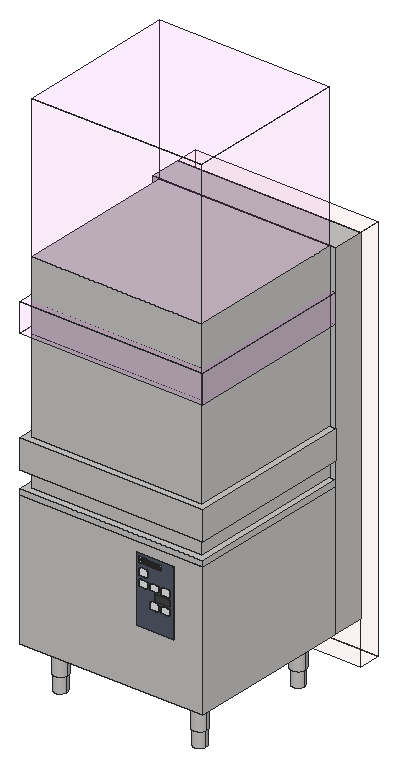
Revit family "QF_ELECTROLUXPROFESSIONAL_506065_EPPWEASMS", category Attrezzature speciali, Revit 2020
Family settings
  Quota connettore circolare = Usa diametro
  Tipo di parte = Normale
  Basato su piano di lavoro = No
  Sempre verticale = Sì
  Taglio con vuoti quando caricato = No
  Condiviso = No
  Punto di calcolo locali = No
Parameters (values of type "Standard")
  Weight = 200.00 kg
  Watts = 13500 W
  Volts = 400 V
  URL Manufacturer = "https://www.electroluxprofessional.com/"
  URL = "https://www.electroluxprofessional.com/"
  Steam Supply Size = 0 mm
  Steam Supply Minimum Pressure = 0.0 Pa
  Steam Supply Maximum Pressure = 0.0 Pa
  Steam Consumption per Hour = 0
  Show Logo [instance] = yes
  Show Clearance [instance] = yes
  Refrigeration Suction Line Size = 0 mm
  Refrigeration Liquid Line Size = 0 mm
  Refrigerant Compressor Remote = yes
  Prospetto di default = 0 mm
  Produttore = "Electrolux Professional"
  Phase = 3
  Modello = "EPPWEASMS"
  Length Actual = 833 mm  # constant formula
  Item Number = "506065"
  Hot Water Size = 19.05 mm
  Height Actual = 1760 mm  # constant formula
  HP = "18.1 HP"
  Gas Size = 0 mm
  Gas KW = 0
  Gas Input Pressure = 0 W
  Direct Waste Size = 36 mm
  Descrizione = "POT&P WASH,AUTO,FRONT/SIDE,MULTIR.,833MM"
  Depth Actual = 890 mm  # constant formula
  Cycle = 50 Hz
  Condensate Return Size = 0 mm
  Compressed Air Volume = 0.0 L/s
  Compressed Air Size = 0 mm
  Compressed Air Pressure = 0.0 Pa
  Cold Water Size = 0 mm
  Accessory = yes
Reference planes
  plane 1: z = 0
  plane 2: x = -63
  plane 3 "LEFT": x = -477
  plane 4: x = 351
  plane 5: y = -440
  plane 6 "BACK": y = 450
  plane 7: x = -477
  plane 8: x = 351
  plane 9: z = 1760
  plane 10: y = -334
  plane 11: x = -377
  plane 12: y = 221
  plane 13: x = 251
  plane 14: z = 800
  plane 15: y = 310
  plane 16: z = 2400
  plane 17: through (316, 100, 4000) normal (-0.7071, 0.7071, 0)
  plane 18: through (336, 100, 4000) normal (-0.7071, -0.7071, 0)
  plane 19: x = -25
  plane 20: y = -72
  plane 21: x = -75
  plane 22: y = -122
  plane 23: x = -209
  plane 24: y = -122
  plane 25: y = 5
Forms (mm)
  Extrusion 1, solid, material "QF_Finishes_Stainless Steel"
    sketch origin (0, 0, 0) x (1, 0, 0) y (0, 1, 0)
      loop
        line (-477, 300) -> (-477, -440) -> (351, -440) -> (351, 300) -> (-477, 300)
    from 200 to 800
  Extrusion 2, solid, material "QF_Finishes_Clearance", visible <- "Show Clearance"
    sketch origin (0, 0, 0) x (1, 0, 0) y (0, 1, 0)
      loop
        line (-477, 450) -> (351, 450) -> (351, 550) -> (-477, 550) -> (-477, 450)
    from 0 to 1760
  Extrusion 3, solid, material "QF_Finishes_Stainless Steel"
    sketch origin (333.404, -63.023, 198) x (0, -1, 0) y (1, 0, 0)
      loop
        line (-163.023, -17.404) -> (-163.023, 2.596) -> (-183.023, 2.596) -> (-183.023, -17.404) -> (-163.023, -17.404)
    from 0 to 2
  Extrusion 4, solid, material "QF_Finishes_Stainless Steel"
    sketch origin (-702.159, 700.464, 214.383) x (1, 0, 0) y (0, 1, 0)
      loop
        circle (677.159, -772.464) r 10
    from -9.383 to 5.617
  Extrusion 5, solid, material "QF_Finishes_Stainless Steel"
    sketch origin (0, 0, 800) x (1, 0, 0) y (0, 1, 0)
      loop
        line (321, -409.3) -> (321, 310) -> (-447, 310) -> (-447, -409.3) -> (321, -409.3)
    from 25 to 960
  Extrusion 6, solid, material "QF_Finishes_Stainless Steel"
    sketch origin (0, 0, 600) x (1, 0, 0) y (0, 1, 0)
      loop
        line (-477, 300) -> (-477, -440) -> (351, -440) -> (351, 300) -> (-477, 300)
    from 200 to 225
  Extrusion 7, solid, material "QF_Finishes_Stainless Steel"
    sketch origin (0, 0, 30) x (1, 0, 0) y (0, 1, 0)
      loop
        line (-477, 310) -> (-477, -440) -> (351, -440) -> (351, 310) -> (321, 310) -> (321, -409.3) -> (-447, -409.3) -> (-447, 310) -> (-477, 310)
    from 870 to 1000
  Extrusion 8, solid, material "QF_Finishes_Stainless Steel"
    sketch origin (0, 0, 0) x (1, 0, 0) y (0, 1, 0)
      loop
        line (-477, 450) -> (-477, 310) -> (351, 310) -> (351, 450) -> (-477, 450)
    from 200 to 1760
  Extrusion 9, solid, material "QF_Finishes_Door Clearance", visible <- "Show Clearance"
    sketch origin (0, 0, 1440) x (1, 0, 0) y (0, 1, 0)
      loop
        line (321, -409.3) -> (321, 310) -> (-447, 310) -> (-447, -409.3) -> (321, -409.3)
    from 140 to 960
  Extrusion 10, solid, material "QF_Finishes_Door Clearance", visible <- "Show Clearance"
    sketch origin (0, 0, 580) x (1, 0, 0) y (0, 1, 0)
      loop
        line (-477, 310) -> (-477, -440) -> (351, -440) -> (351, 310) -> (321, 310) -> (321, -409.3) -> (-447, -409.3) -> (-447, 310) -> (-477, 310)
    from 870 to 1000
  Extrusion 11, solid, material "QF_Finishes_Stainless Steel"
    sketch origin (-85.596, 450, 43.977) x (1, 0, 0) y (0, 0, -1)
      loop
        line (407.596, -163.023) -> (407.596, -183.023) -> (427.596, -183.023) -> (427.596, -163.023) -> (407.596, -163.023)
    from 0 to 2
  Extrusion 12, solid, material "QF_Finishes_Stainless Steel"
    sketch origin (-752.159, 650.464, 214.383) x (1, 0, 0) y (0, 1, 0)
      loop
        circle (677.159, -772.464) r 10
    from -9.383 to 5.617
  Extrusion 13, solid, material "QF_Finishes_Stainless Steel"
    sketch origin (-886.159, 650.464, 214.383) x (1, 0, 0) y (0, 1, 0)
      loop
        circle (677.159, -762.464) r 10
    from -9.383 to 5.617
Cuts and joins
  joined: Extrusion 5, Extrusion 7
Dimensions and locks
  plane 6 "BACK" to plane 5 = 890 mm  (x2)
  plane 3 "LEFT" to plane 4 = 828 mm
  equal spacing: plane 4, plane 2, plane 3 "LEFT"
  Extrusion 6 to Extrusion 2 = 825 mm
  Extrusion 5 to Extrusion 6 = 935 mm
  plane 9 to level = 1760 mm
  plane 10 to plane 5 = 106 mm
  plane 12 to plane 10 = 555 mm
  level to plane 9 = 1760 mm
  level to plane 16 = 2400 mm
  plane 16 to level = 2400 mm
  equal spacing: plane 6 "BACK", plane 25, plane 5
  aligned and locked: level to plane 1
  aligned and locked: Extrusion 1 to plane 5
Automatic sketch dimensions
  Extrusion 2 sketch curve to plane 3 "LEFT" = 0 mm
  Extrusion 2 sketch curve to plane 4 = 0 mm
  Extrusion 2 sketch curve to plane 6 "BACK" = 0 mm
  Extrusion 2 sketch curve to Extrusion 2 sketch curve = 100 mm
  Extrusion 3 sketch curve to plane 18 = 0 mm
  Extrusion 3 sketch curve to plane 17 = 0 mm  (x2)
  Extrusion 3 sketch curve to plane 4 = 35 mm
  Extrusion 4 sketch curve to plane 19 = 0 mm
  plane 20 to Extrusion 4 sketch curve = 0 mm
  Extrusion 5 sketch curve to plane 15 = 0 mm
  plane 22 to Extrusion 5 sketch curve = 287.3 mm
  plane 3 "LEFT" to Extrusion 5 sketch curve = 30 mm
  Extrusion 5 sketch curve to plane 4 = 30 mm
  Extrusion 8 sketch curve to plane 3 "LEFT" = 0 mm
  Extrusion 8 sketch curve to plane 4 = 0 mm
  Extrusion 8 sketch curve to plane 15 = 0 mm
  Extrusion 8 sketch curve to plane 6 "BACK" = 0 mm
  Extrusion 9 sketch curve to plane 15 = 0 mm
  plane 22 to Extrusion 9 sketch curve = 287.3 mm
  plane 3 "LEFT" to Extrusion 9 sketch curve = 30 mm
  Extrusion 9 sketch curve to plane 4 = 30 mm
  Extrusion 11 sketch curve to plane 4 = 29 mm
  Extrusion 11 sketch curve to plane 4 = 9 mm
  level to Extrusion 11 sketch curve = 227 mm
  Extrusion 11 sketch curve to Extrusion 11 sketch curve = 20 mm
  Extrusion 12 sketch curve to plane 21 = 0 mm
  plane 22 to Extrusion 12 sketch curve = 0 mm
  Extrusion 1 sketch curve to plane 3 "LEFT" = 0 mm
  Extrusion 1 sketch curve to plane 4 = 0 mm
  Extrusion 1 sketch curve to plane 5 = 0 mm
  Extrusion 1 sketch curve to plane 15 = 10 mm
  Extrusion 6 sketch curve to plane 3 "LEFT" = 0 mm
  Extrusion 6 sketch curve to plane 4 = 0 mm
  Extrusion 6 sketch curve to plane 5 = 0 mm
  Extrusion 6 sketch curve to plane 15 = 10 mm
  Extrusion 7 sketch curve to plane 3 "LEFT" = 0 mm
  Extrusion 7 sketch curve to plane 15 = 0 mm  (x2)
  Extrusion 7 sketch curve to plane 4 = 0 mm
  Extrusion 7 sketch curve to plane 5 = 0 mm
  plane 22 to Extrusion 7 sketch curve = 287.3 mm
  plane 3 "LEFT" to Extrusion 7 sketch curve = 30 mm
  Extrusion 7 sketch curve to plane 4 = 30 mm
  Extrusion 10 sketch curve to plane 3 "LEFT" = 0 mm
  Extrusion 10 sketch curve to plane 15 = 0 mm  (x2)
  Extrusion 10 sketch curve to plane 4 = 0 mm
  Extrusion 10 sketch curve to plane 5 = 0 mm
  plane 22 to Extrusion 10 sketch curve = 287.3 mm
  plane 3 "LEFT" to Extrusion 10 sketch curve = 30 mm
  Extrusion 10 sketch curve to plane 4 = 30 mm
  plane 3 "LEFT" to Extrusion 13 sketch curve = 268 mm
  plane 5 to Extrusion 13 sketch curve = 328 mm
  radius of Extrusion 4 sketch curve = 10 mm
  radius of Extrusion 12 sketch curve = 10 mm
  radius of Extrusion 13 sketch curve = 10 mm
Nested families
  nested 1: "Piedino H200 - DISHWASHING" at (-377, -334, 0), type "Piedino H200 - DISHWASHING"
    with H 200 mm
  nested 2: "Piedino H200 - DISHWASHING" at (-377, 221, 0), type "Piedino H200 - DISHWASHING"
    with H 200 mm
  nested 3: "Piedino H200 - DISHWASHING" at (251, -334, 0) x (-1, 0, 0) z (0, 0, 1), type "Piedino H200 - DISHWASHING"
    with H 200 mm
  nested 4: "Piedino H200 - DISHWASHING" at (251, 221, 0) x (-1, 0, 0) z (0, 0, 1), type "Piedino H200 - DISHWASHING"
    with H 200 mm
  nested 5: "Tastierino_LARGE_ROUNCORNER_DISHWASHING_BLUE" at (134.061, -440, 606.153) x (-1, 0, 0) z (0, -1, 0), type "Tastierino_LARGE_ROUNCORNER_DISHWASHING_BLUE"
    with Show Logo yes
  nested 6: "ELX_LOGO_MONO_SMALL_WHITE" at (62.14, -440.8, 681.153) x (-1, 0, 0) z (0, -1, 0), visible <- "Show Logo", Show Logo <- "Show Logo", type "ELX_LOGO_MONO_SMALL_WHITE"
    with Show Logo yes
  nested 7: "ELX_LOGO_WORDS_WHITE" at (124.061, -440.8, 730.364) x (1, 0, 0) z (0, -1, 0), visible <- "Show Logo", Show Logo <- "Show Logo", type "ELX_LOGO_WORDS_WHITE"
    with Show Logo yes
Connectors
  electrical at (326, 110, 198)
    settings: on Extrusion 3, index 53, voltage 0 V, apparent load 0 VA, apparent load phase1 0 VA, apparent load phase2 0 VA, apparent load phase3 0 VA, power factor 1, load classification "Altro", number of poles 1, system type 30, power factor state 1, is connector primary yes, connector utility no, sub classification motor no, connector description "EI"
  piping at (-25, -72, 205), diameter 12.9
    settings: on Extrusion 4, index 54, connector inside diameter 609.6 mm, connector length 0 mm, flow factor 0, pipe flow 0.0 L/s, pressure drop 0.0 Pa, fitting loss kfactor 0, connector angle 0.00°, fixture units 0, engagement length 0 mm, angle of deflection 0.00°, flow configuration 0, flow direction 0, fitting loss method 0, system type 29, joint type 0, gender type 0, connector reference index -1, connector utility 0, adjustable connector no, is connector primary yes, connector description "XD"
  electrical at (332, 450, 217)
    settings: on Extrusion 11, index 72, voltage 0 V, apparent load 0 VA, apparent load phase1 0 VA, apparent load phase2 0 VA, apparent load phase3 0 VA, power factor 1, load classification "Altro", number of poles 1, system type 30, power factor state 1, is connector primary no, connector utility no, sub classification motor no, connector description "EQ"
  piping at (-75, -122, 205), diameter 12.9
    settings: on Extrusion 12, index 73, connector inside diameter 609.6 mm, connector length 0 mm, flow factor 0, pipe flow 0.0 L/s, pressure drop 0.0 Pa, fitting loss kfactor 0, connector angle 0.00°, fixture units 0, engagement length 0 mm, angle of deflection 0.00°, flow configuration 0, flow direction 0, fitting loss method 0, system type 29, joint type 0, gender type 0, connector reference index -1, connector utility 0, adjustable connector no, is connector primary no, connector description "HWI"
  piping at (-209, -112, 205), diameter 12.9
    settings: on Extrusion 13, index 74, connector inside diameter 609.6 mm, connector length 0 mm, flow factor 0, pipe flow 0.0 L/s, pressure drop 0.0 Pa, fitting loss kfactor 0, connector angle 0.00°, fixture units 0, engagement length 0 mm, angle of deflection 0.00°, flow configuration 0, flow direction 0, fitting loss method 0, system type 29, joint type 0, gender type 0, connector reference index -1, connector utility 0, adjustable connector no, is connector primary no, connector description "D"
Definition of nested family "Piedino H200 - DISHWASHING"
  Parameters (values of type "Piedino H200 - DISHWASHING")
    Default Elevation = 0 mm
    H [instance] = 200 mm
  Reference planes
    plane 1 "Centro (Fronte/Retro)": y = 0
    plane 2: z = 0
    plane 3 "Centro (Sinistra/Destra)": x = 0
    plane 4: z = 70.047
  Forms (mm)
    Revolve 1, solid
      sketch origin (55, 0, 0) x (-1, 0, 0) y (0, 0, -1)
        loop
          line (55, 0) -> (27.6, 0) -> (27.6, -70.047) -> (22.6, -70.047) -> (22.6, -200) -> (55, -200) -> (55, 0)
        axis (55, 0) -> (55, -200)
      angle from 0 to 360
  Dimensions and locks
    "H": Revolve 1 to plane 2
    aligned and locked: level to plane 2
  Automatic sketch dimensions
    Revolve 1 sketch curve to plane 4 = 0 mm
    Revolve 1 sketch curve to level = 0 mm
    Revolve 1 sketch curve to plane 3 "Centro (Sinistra/Destra)" = 0 mm  (x2)
    plane 3 "Centro (Sinistra/Destra)" to Revolve 1 sketch curve = 27.4 mm
    Revolve 1 sketch curve to Revolve 1 sketch curve = 5 mm
    Revolve 1 sketch curve to plane 4 = 129.953 mm
    Revolve 1 sketch curve to Revolve 1 sketch curve = 0 mm
    Revolve 1 sketch curve to Revolve 1 sketch curve = 20 mm
Definition of nested family "Tastierino_LARGE_ROUNCORNER_DISHWASHING_BLUE"
  Parameters
    Show Logo [instance] = yes
    Default Elevation = 1219.2 mm
  Reference planes
    plane 1 "Centro (Fronte/Retro)": y = 0
    plane 2: z = 0
    plane 3 "Centro (Sinistra/Destra)": x = 0
  Forms (mm)
    Extrusion 1, solid
      sketch origin (0, 0, 0) x (1, 0, 0) y (0, 1, 0)
        loop
          line (-1219.2, 1219.2) -> (-1219.2, -1219.2) -> (1219.2, -1219.2) -> (1219.2, 1219.2) -> (-1219.2, 1219.2)
      from 0 to -304.8
    Extrusion 2, solid
      sketch origin (0, 0, 0) x (1, 0, 0) y (0, 1, 0)
        loop
          line (-84.444, 147.62) -> (-84.444, -147.62) -> (84.444, -147.62) -> (84.444, 147.62) -> (-84.444, 147.62)
        loop
          arc (-63.183, 58.723) -> (-64.598, 58.137) -> (-65.183, 56.723) r 2
          line (-65.183, 56.723) -> (-65.183, 30.723)
          arc (-65.183, 30.723) -> (-64.598, 29.308) -> (-63.183, 28.723) r 2
          line (-63.183, 28.723) -> (-40.183, 28.723)
          arc (-40.183, 28.723) -> (-29.577, 33.116) -> (-25.183, 43.723) r 15
          line (-25.183, 43.723) -> (-25.183, 56.723)
          arc (-25.183, 56.723) -> (-25.769, 58.137) -> (-27.183, 58.723) r 2
          line (-27.183, 58.723) -> (-63.183, 58.723)
        loop
          line (-65.183, 22.208) -> (-65.183, -7.792) -> (0, -7.792) -> (0, 22.208) -> (-65.183, 22.208)
        loop
          arc (-13.183, 58.723) -> (-14.598, 58.137) -> (-15.183, 56.723) r 2
          line (-15.183, 56.723) -> (-15.183, 30.723)
          arc (-15.183, 30.723) -> (-14.598, 29.308) -> (-13.183, 28.723) r 2
          line (-13.183, 28.723) -> (9.817, 28.723)
          arc (9.817, 28.723) -> (20.423, 33.116) -> (24.817, 43.723) r 15
          line (24.817, 43.723) -> (24.817, 56.723)
          arc (24.817, 56.723) -> (24.231, 58.137) -> (22.817, 58.723) r 2
          line (22.817, 58.723) -> (-13.183, 58.723)
        loop
          arc (-63.183, -16.277) -> (-64.598, -16.863) -> (-65.183, -18.277) r 2
          line (-65.183, -18.277) -> (-65.183, -44.277)
          arc (-65.183, -44.277) -> (-64.598, -45.692) -> (-63.183, -46.277) r 2
          line (-63.183, -46.277) -> (-40.183, -46.277)
          arc (-40.183, -46.277) -> (-29.577, -41.884) -> (-25.183, -31.277) r 15
          line (-25.183, -31.277) -> (-25.183, -18.277)
          arc (-25.183, -18.277) -> (-25.769, -16.863) -> (-27.183, -16.277) r 2
          line (-27.183, -16.277) -> (-63.183, -16.277)
        loop
          arc (-13.183, -16.277) -> (-14.598, -16.863) -> (-15.183, -18.277) r 2
          line (-15.183, -18.277) -> (-15.183, -44.277)
          arc (-15.183, -44.277) -> (-14.598, -45.692) -> (-13.183, -46.277) r 2
          line (-13.183, -46.277) -> (9.817, -46.277)
          arc (9.817, -46.277) -> (20.423, -41.884) -> (24.817, -31.277) r 15
          line (24.817, -31.277) -> (24.817, -18.277)
          arc (24.817, -18.277) -> (24.231, -16.863) -> (22.817, -16.277) r 2
          line (22.817, -16.277) -> (-13.183, -16.277)
        loop
          arc (36.817, -16.277) -> (35.402, -16.863) -> (34.817, -18.277) r 2
          line (34.817, -18.277) -> (34.817, -44.277)
          arc (34.817, -44.277) -> (35.402, -45.692) -> (36.817, -46.277) r 2
          line (36.817, -46.277) -> (59.817, -46.277)
          arc (59.817, -46.277) -> (70.423, -41.884) -> (74.817, -31.277) r 15
          line (74.817, -31.277) -> (74.817, -18.277)
          arc (74.817, -18.277) -> (74.231, -16.863) -> (72.817, -16.277) r 2
          line (72.817, -16.277) -> (36.817, -16.277)
        loop
          arc (36.817, -61.277) -> (35.402, -61.863) -> (34.817, -63.277) r 2
          line (34.817, -63.277) -> (34.817, -89.277)
          arc (34.817, -89.277) -> (35.402, -90.692) -> (36.817, -91.277) r 2
          line (36.817, -91.277) -> (59.817, -91.277)
          arc (59.817, -91.277) -> (70.423, -86.884) -> (74.817, -76.277) r 15
          line (74.817, -76.277) -> (74.817, -63.277)
          arc (74.817, -63.277) -> (74.231, -61.863) -> (72.817, -61.277) r 2
          line (72.817, -61.277) -> (36.817, -61.277)
      from 0 to 0.8
    Extrusion 3, solid
      sketch origin (0, 0, 0) x (1, 0, 0) y (0, 1, 0)
        loop
          line (-65.183, 22.208) -> (-65.183, -7.792) -> (0, -7.792) -> (0, 22.208) -> (-65.183, 22.208)
      from 0 to 0.8
    Extrusion 4, solid
      sketch origin (0, 0, 0) x (1, 0, 0) y (0, 1, 0)
        loop
          arc (-63.183, 58.723) -> (-64.598, 58.137) -> (-65.183, 56.723) r 2
          line (-65.183, 56.723) -> (-65.183, 30.723)
          arc (-65.183, 30.723) -> (-64.598, 29.308) -> (-63.183, 28.723) r 2
          line (-63.183, 28.723) -> (-40.183, 28.723)
          arc (-40.183, 28.723) -> (-29.577, 33.116) -> (-25.183, 43.723) r 15
          line (-25.183, 43.723) -> (-25.183, 56.723)
          arc (-25.183, 56.723) -> (-25.769, 58.137) -> (-27.183, 58.723) r 2
          line (-27.183, 58.723) -> (-63.183, 58.723)
        loop
          arc (-13.183, 58.723) -> (-14.598, 58.137) -> (-15.183, 56.723) r 2
          line (-15.183, 56.723) -> (-15.183, 30.723)
          arc (-15.183, 30.723) -> (-14.598, 29.308) -> (-13.183, 28.723) r 2
          line (-13.183, 28.723) -> (9.817, 28.723)
          arc (9.817, 28.723) -> (20.423, 33.116) -> (24.817, 43.723) r 15
          line (24.817, 43.723) -> (24.817, 56.723)
          arc (24.817, 56.723) -> (24.231, 58.137) -> (22.817, 58.723) r 2
          line (22.817, 58.723) -> (-13.183, 58.723)
        loop
          arc (-63.183, -16.277) -> (-64.598, -16.863) -> (-65.183, -18.277) r 2
          line (-65.183, -18.277) -> (-65.183, -44.277)
          arc (-65.183, -44.277) -> (-64.598, -45.692) -> (-63.183, -46.277) r 2
          line (-63.183, -46.277) -> (-40.183, -46.277)
          arc (-40.183, -46.277) -> (-29.577, -41.884) -> (-25.183, -31.277) r 15
          line (-25.183, -31.277) -> (-25.183, -18.277)
          arc (-25.183, -18.277) -> (-25.769, -16.863) -> (-27.183, -16.277) r 2
          line (-27.183, -16.277) -> (-63.183, -16.277)
        loop
          arc (-13.183, -16.277) -> (-14.598, -16.863) -> (-15.183, -18.277) r 2
          line (-15.183, -18.277) -> (-15.183, -44.277)
          arc (-15.183, -44.277) -> (-14.598, -45.692) -> (-13.183, -46.277) r 2
          line (-13.183, -46.277) -> (9.817, -46.277)
          arc (9.817, -46.277) -> (20.423, -41.884) -> (24.817, -31.277) r 15
          line (24.817, -31.277) -> (24.817, -18.277)
          arc (24.817, -18.277) -> (24.231, -16.863) -> (22.817, -16.277) r 2
          line (22.817, -16.277) -> (-13.183, -16.277)
        loop
          arc (36.817, -16.277) -> (35.402, -16.863) -> (34.817, -18.277) r 2
          line (34.817, -18.277) -> (34.817, -44.277)
          arc (34.817, -44.277) -> (35.402, -45.692) -> (36.817, -46.277) r 2
          line (36.817, -46.277) -> (59.817, -46.277)
          arc (59.817, -46.277) -> (70.423, -41.884) -> (74.817, -31.277) r 15
          line (74.817, -31.277) -> (74.817, -18.277)
          arc (74.817, -18.277) -> (74.231, -16.863) -> (72.817, -16.277) r 2
          line (72.817, -16.277) -> (36.817, -16.277)
        loop
          arc (36.817, -61.277) -> (35.402, -61.863) -> (34.817, -63.277) r 2
          line (34.817, -63.277) -> (34.817, -89.277)
          arc (34.817, -89.277) -> (35.402, -90.692) -> (36.817, -91.277) r 2
          line (36.817, -91.277) -> (59.817, -91.277)
          arc (59.817, -91.277) -> (70.423, -86.884) -> (74.817, -76.277) r 15
          line (74.817, -76.277) -> (74.817, -63.277)
          arc (74.817, -63.277) -> (74.231, -61.863) -> (72.817, -61.277) r 2
          line (72.817, -61.277) -> (36.817, -61.277)
      from 0 to 0.8
  Dimensions and locks
    aligned and locked: plane 2 to Extrusion 1
    aligned and locked: level to Extrusion 1
Definition of nested family "ELX_LOGO_MONO_SMALL_WHITE"
  Parameters (values of type "ELX_LOGO_MONO_SMALL_WHITE")
    Show Logo [instance] = yes
    Default Elevation = 1219.2 mm
  Reference planes
    plane 1 "Center (Front/Back)": y = -49
    plane 2: z = 0
    plane 3 "Center (Left/Right)": x = -9.92
  Forms (mm)
    Extrusion 1, solid
      sketch origin (0, 0, 0) x (1, 0, 0) y (0, 1, 0)
        loop
          line (-1219.2, 1219.2) -> (-1219.2, -1219.2) -> (1219.2, -1219.2) -> (1219.2, 1219.2) -> (-1219.2, 1219.2)
      from 0 to -304.8
    Extrusion 2, solid, visible <- "Show Logo"
      sketch origin (84.462, 509.781, 0) x (1, 0, 0) y (0, 1, 0)
        loop
          line (-97.736, -569.727) -> (-97.736, -547.891)
          arc (-97.736, -547.891) -> (-105.808, -558.809) -> (-97.736, -569.727) r 11.42
        loop
          arc (-96.625, -569.727) -> (-87.544, -567.663) -> (-83.169, -559.442) r 11.191
          line (-83.169, -559.442) -> (-86.782, -559.442)
          arc (-86.782, -559.442) -> (-93.235, -562.062) -> (-96.625, -568.146) r 10.49
          line (-96.625, -568.146) -> (-96.625, -569.727)
        loop
          arc (-96.625, -549.472) -> (-93.235, -555.557) -> (-86.782, -558.176) r 10.49
          line (-86.782, -558.176) -> (-83.169, -558.176)
          arc (-83.169, -558.176) -> (-87.537, -549.888) -> (-96.625, -547.611) r 11.484
          line (-96.625, -547.611) -> (-96.625, -549.472)
        loop
          line (-82.34, -570.919) -> (-82.34, -546.65) -> (-106.642, -546.65) -> (-106.642, -570.919) -> (-82.34, -570.919)
      from 0 to 1.644
  Dimensions and locks
    aligned and locked: plane 2 to Extrusion 1
    aligned and locked: level to Extrusion 1
Definition of nested family "ELX_LOGO_WORDS_WHITE"
  Parameters (values of type "ELX_LOGO_WORDS_WHITE")
    Show Logo [instance] = yes
    Default Elevation = 0 mm
  Reference planes
    plane 1 "Centro (Fronte/Retro)": y = 0
    plane 2: z = 0
    plane 3 "Centro (Sinistra/Destra)": x = 0
  Forms (mm)
    Extrusion 1, solid
      sketch origin (0, 0, 0) x (1, 0, 0) y (0, 1, 0)
        loop
          line (-1219.2, 1219.2) -> (-1219.2, -1219.2) -> (1219.2, -1219.2) -> (1219.2, 1219.2) -> (-1219.2, 1219.2)
      from 0 to -304.8
    Extrusion 2, solid, visible <- "Show Logo"
      sketch origin (0, 0, 0) x (1, 0, 0) y (0, 1, 0)
        loop
          line (-30.234, 10.561) -> (-37.67, 10.561) -> (-37.67, 1.902)
          arc (-37.67, 1.902) -> (-36.691, -0.461) -> (-34.329, -1.439) r 3.341
          line (-34.329, -1.439) -> (-30.09, -1.439) -> (-30.09, 0.503) -> (-33.845, 0.503)
          arc (-33.845, 0.503) -> (-35.079, 0.92) -> (-35.604, 2.112) r 1.615
          line (-35.604, 2.112) -> (-35.604, 3.829) -> (-30.555, 3.829) -> (-30.555, 5.779) -> (-35.604, 5.779) -> (-35.604, 8.617) -> (-30.234, 8.617) -> (-30.234, 10.561)
        loop
          line (-28.622, 10.561) -> (-28.622, -1.439) -> (-26.555, -1.439) -> (-26.555, 10.561) -> (-28.622, 10.561)
        loop
          line (16.27, 10.561) -> (16.27, -1.439) -> (18.338, -1.439) -> (18.338, 10.561) -> (16.27, 10.561)
        loop
          line (-23.137, 2.393) -> (-16.354, 2.393)
          arc (-16.354, 2.393) -> (-17.415, 6.119) -> (-21.043, 7.478) r 4.298
          arc (-21.043, 7.478) -> (-24.239, 5.857) -> (-25.151, 2.393) r 4.373
          arc (-25.151, 2.393) -> (-23.951, -0.505) -> (-21.053, -1.705) r 4.097
          arc (-21.053, -1.705) -> (-18.799, -1.372) -> (-16.908, -0.099) r 5.15
          line (-16.908, -0.099) -> (-18.133, 1.125)
          arc (-18.133, 1.125) -> (-19.74, 0.161) -> (-21.607, 0.323) r 3.039
          arc (-21.607, 0.323) -> (-22.746, 1.081) -> (-23.137, 2.393) r 2.013
        loop
          line (-23.085, 3.846) -> (-18.431, 3.846)
          arc (-18.431, 3.846) -> (-19.084, 5.22) -> (-20.519, 5.727) r 1.983
          arc (-20.519, 5.727) -> (-22.175, 5.295) -> (-23.085, 3.846) r 2.321
        loop
          line (-8.297, 4.711) -> (-6.999, 6.009)
          arc (-6.999, 6.009) -> (-8.627, 7.187) -> (-10.604, 7.539) r 4.497
          arc (-10.604, 7.539) -> (-13.621, 6.437) -> (-15.204, 3.642) r 4.652
          arc (-15.204, 3.642) -> (-12.536, -1.257) -> (-7.072, -0.127) r 4.684
          line (-7.072, -0.127) -> (-8.363, 1.163)
          arc (-8.363, 1.163) -> (-11.149, 0.242) -> (-13.145, 2.393) r 2.714
          arc (-13.145, 2.393) -> (-13.006, 4.094) -> (-11.835, 5.335) r 2.578
          arc (-11.835, 5.335) -> (-9.96, 5.621) -> (-8.297, 4.711) r 2.961
        loop
          line (-5.73, 10.561) -> (-5.73, 2.36)
          arc (-5.73, 2.36) -> (-5.551, 1.13) -> (-5.09, -0.025) r 5.301
          arc (-5.09, -0.025) -> (-3.615, -1.198) -> (-1.746, -1.445) r 3.531
          line (-1.746, -1.445) -> (-1.746, 0.492)
          arc (-1.746, 0.492) -> (-2.302, 0.534) -> (-2.82, 0.74) r 1.862
          arc (-2.82, 0.74) -> (-3.484, 1.442) -> (-3.662, 2.393) r 1.713
          line (-3.662, 2.393) -> (-3.662, 5.362) -> (-1.785, 5.362) -> (-1.785, 7.24) -> (-3.662, 7.24) -> (-3.662, 10.561) -> (-5.73, 10.561)
        loop
          arc (2.004, 3.123) -> (2.152, 3.988) -> (2.578, 4.755) r 2.607
          arc (2.578, 4.755) -> (3.817, 5.391) -> (5.208, 5.362) r 2.84
          line (5.208, 5.362) -> (5.208, 7.349)
          arc (5.208, 7.349) -> (3.39, 7.177) -> (2.004, 5.989) r 3.016
          line (2.004, 5.989) -> (2.004, 7.24) -> (-0.046, 7.24) -> (-0.046, -1.439) -> (2.004, -1.439) -> (2.004, 3.123)
        loop
          circle (10.262, 2.899) r 4.599
        loop
          circle (10.262, 2.899) r 2.787
        loop
          arc (25.793, 2.175) -> (25.283, 0.772) -> (23.898, 0.213) r 1.835
          arc (23.898, 0.213) -> (22.514, 0.772) -> (22.004, 2.175) r 1.835
          line (22.004, 2.175) -> (22.004, 7.24) -> (19.919, 7.24) -> (19.919, 2.003)
          arc (19.919, 2.003) -> (21.105, -0.701) -> (23.898, -1.659) r 3.675
          arc (23.898, -1.659) -> (26.723, -0.672) -> (27.877, 2.088) r 3.675
          line (27.877, 2.088) -> (27.877, 7.24) -> (25.793, 7.24) -> (25.793, 2.175)
        loop
          line (29.126, 7.24) -> (32.128, 3.164) -> (28.83, -1.442) -> (31.052, -1.442) -> (33.241, 1.615) -> (35.462, -1.442) -> (37.67, -1.442) -> (34.419, 3.211) -> (37.392, 7.24) -> (35.135, 7.24) -> (33.234, 4.663) -> (31.362, 7.24) -> (29.126, 7.24)
        loop
          line (-35.875, -6.414) -> (-37.523, -6.414) -> (-37.523, -10.564) -> (-36.621, -10.564) -> (-36.621, -9.135) -> (-35.625, -9.135)
          arc (-35.625, -9.135) -> (-34.509, -7.66) -> (-35.875, -6.414) r 1.372
        loop
          arc (-35.664, -8.32) -> (-35.322, -7.786) -> (-35.664, -7.253) r 0.587
          line (-35.664, -7.253) -> (-36.621, -7.253) -> (-36.621, -8.32) -> (-35.664, -8.32)
        loop
          line (-29.363, -6.414) -> (-31.04, -6.414) -> (-31.04, -10.564) -> (-30.138, -10.564) -> (-30.138, -9.135) -> (-29.265, -9.135) -> (-28.669, -10.564) -> (-27.7, -10.564) -> (-28.516, -8.814)
          arc (-28.516, -8.814) -> (-28.125, -8.347) -> (-27.994, -7.752) r 1.281
          arc (-27.994, -7.752) -> (-28.406, -6.804) -> (-29.363, -6.414) r 1.37
        loop
          line (-30.138, -7.253) -> (-30.138, -8.32) -> (-29.18, -8.32)
          arc (-29.18, -8.32) -> (-28.839, -7.786) -> (-29.18, -7.253) r 0.587
          line (-29.18, -7.253) -> (-30.138, -7.253)
        loop
          circle (-22.402, -8.489) r 2.156
        loop
          circle (-22.402, -8.489) r 1.368
        loop
          line (-16.703, -6.414) -> (-16.703, -10.564) -> (-15.823, -10.564) -> (-15.823, -9.114) -> (-14.261, -9.114) -> (-14.261, -8.184) -> (-15.823, -8.184) -> (-15.823, -7.308) -> (-14.111, -7.308) -> (-14.111, -6.414) -> (-16.703, -6.414)
        loop
          line (-10.611, -6.414) -> (-10.611, -9.216)
          arc (-10.611, -9.216) -> (-10.229, -10.166) -> (-9.284, -10.561) r 1.327
          line (-9.284, -10.561) -> (-7.945, -10.561) -> (-7.945, -9.777) -> (-9.204, -9.777)
          arc (-9.204, -9.777) -> (-9.668, -9.394) -> (-9.759, -8.799) r 0.845
          line (-9.759, -8.799) -> (-8.1, -8.799) -> (-8.1, -8.015) -> (-9.759, -8.015) -> (-9.759, -7.198) -> (-7.985, -7.198) -> (-7.985, -6.414) -> (-10.611, -6.414)
        loop
          arc (4.417, -6.94) -> (3.867, -6.489) -> (3.171, -6.345) r 1.485
          arc (3.171, -6.345) -> (2.528, -6.503) -> (2, -6.902) r 1.645
          arc (2, -6.902) -> (1.902, -7.844) -> (2.51, -8.571) r 1.217
          arc (2.51, -8.571) -> (3.021, -8.741) -> (3.506, -8.976) r 4.201
          arc (3.506, -8.976) -> (3.812, -9.337) -> (3.601, -9.761) r 0.43
          arc (3.601, -9.761) -> (3.209, -9.853) -> (2.819, -9.754) r 0.846
          arc (2.819, -9.754) -> (2.482, -9.511) -> (2.275, -9.15) r 0.983
          line (2.275, -9.15) -> (1.549, -9.489)
          arc (1.549, -9.489) -> (1.811, -9.993) -> (2.232, -10.374) r 1.595
          arc (2.232, -10.374) -> (2.71, -10.578) -> (3.227, -10.63) r 1.719
          arc (3.227, -10.63) -> (3.867, -10.503) -> (4.442, -10.197) r 2.246
          arc (4.442, -10.197) -> (4.697, -9.52) -> (4.566, -8.81) r 1.349
          arc (4.566, -8.81) -> (4.282, -8.482) -> (3.919, -8.245) r 1.564
          arc (3.919, -8.245) -> (3.46, -8.04) -> (2.99, -7.864) r 8.236
          arc (2.99, -7.864) -> (2.718, -7.441) -> (3.111, -7.128) r 0.375
          arc (3.111, -7.128) -> (3.581, -7.241) -> (3.943, -7.563) r 0.998
          line (3.943, -7.563) -> (4.417, -6.94)
        loop
          line (8.225, -6.414) -> (8.225, -10.561) -> (9.077, -10.561) -> (9.077, -6.414) -> (8.225, -6.414)
        loop
          circle (14.827, -8.488) r 1.29
        loop
          circle (14.827, -8.488) r 2.154
        loop
          line (20.548, -10.561) -> (21.409, -10.561) -> (21.409, -7.954) -> (23.306, -10.561) -> (24.135, -10.561) -> (24.135, -6.414) -> (23.274, -6.414) -> (23.274, -9.101) -> (21.377, -6.414) -> (20.548, -6.414) -> (20.548, -10.561)
        loop
          line (28.435, -10.561) -> (28.839, -9.667) -> (30.373, -9.667) -> (30.777, -10.561) -> (31.693, -10.561) -> (29.942, -6.414) -> (29.142, -6.414) -> (27.519, -10.561) -> (28.435, -10.561)
        loop
          line (29.99, -8.816) -> (29.579, -7.905) -> (29.18, -8.816) -> (29.99, -8.816)
        loop
          line (35.929, -9.777) -> (35.929, -6.414) -> (35.076, -6.414) -> (35.076, -10.561) -> (37.523, -10.561) -> (37.523, -9.777) -> (35.929, -9.777)
        loop
          arc (-1.8, -6.94) -> (-2.35, -6.489) -> (-3.046, -6.345) r 1.485
          arc (-3.046, -6.345) -> (-3.689, -6.503) -> (-4.218, -6.902) r 1.645
          arc (-4.218, -6.902) -> (-4.316, -7.844) -> (-3.708, -8.571) r 1.217
          arc (-3.708, -8.571) -> (-3.197, -8.741) -> (-2.712, -8.976) r 4.201
          arc (-2.712, -8.976) -> (-2.405, -9.337) -> (-2.616, -9.761) r 0.43
          arc (-2.616, -9.761) -> (-3.008, -9.853) -> (-3.399, -9.754) r 0.846
          arc (-3.399, -9.754) -> (-3.736, -9.511) -> (-3.942, -9.15) r 0.983
          line (-3.942, -9.15) -> (-4.668, -9.489)
          arc (-4.668, -9.489) -> (-4.407, -9.993) -> (-3.985, -10.374) r 1.595
          arc (-3.985, -10.374) -> (-3.507, -10.578) -> (-2.99, -10.63) r 1.719
          arc (-2.99, -10.63) -> (-2.351, -10.503) -> (-1.775, -10.197) r 2.246
          arc (-1.775, -10.197) -> (-1.521, -9.52) -> (-1.652, -8.81) r 1.349
          arc (-1.652, -8.81) -> (-1.936, -8.482) -> (-2.298, -8.245) r 1.564
          arc (-2.298, -8.245) -> (-2.757, -8.04) -> (-3.228, -7.864) r 8.236
          arc (-3.228, -7.864) -> (-3.5, -7.441) -> (-3.107, -7.128) r 0.375
          arc (-3.107, -7.128) -> (-2.636, -7.241) -> (-2.274, -7.563) r 0.998
          line (-2.274, -7.563) -> (-1.8, -6.94)
      from 0 to 1.644
  Dimensions and locks
    aligned and locked: plane 2 to Extrusion 1
    aligned and locked: level to Extrusion 1
